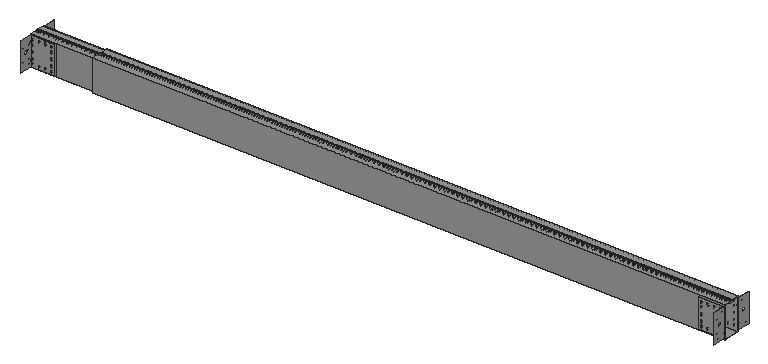
Revit family "RapidBeam_HeavyLap", category Generic Models, Revit 2020
Family settings
  Can host rebar = No
  Round Connector Dimension = Use Diameter
  Part Type = Normal
  Work Plane-Based = No
  Always vertical = Yes
  Cut with Voids When Loaded = No
  Shared = No
  Room Calculation Point = No
Parameters
  URL = "https://www.tris.co.nz/products/info/141/Rapid-Beam"
  Span Max Min = "2400mm max span, 2200mm min span."  # constant formula
  Span = 1200 mm
  Sound Transmission Class = "N/A"  # constant formula
  SingleSlot [instance] = yes
  Rapid Beam Material = Steel Galvanised
  MultipleSlots [instance] = no
  Model = "Rapid Beam Heavy lap."  # constant formula
  Material = "Hot dipped galvanised mild steel, Manufactured in New Zealand."  # constant formula
  Masterspec CBI code = "3421"  # constant formula
  Manufacturer = "Cold Rolled Systems"  # constant formula
  Length = if(Span < 2200 mm, 2200 mm, if(Span > 2400 mm, 2400 mm, Span))  # 2200 mm
  IFCName = "Rapid Beam Heavy lap"
  IFCExportType = "BEAM"
  IFCExportAs = "IfcBeam"
  Fire Protection = "N/A"  # constant formula
  End Bracket Material = Steel Galvanised
  Description = "Rapid Beam Bridging Beam for non-structural restraints."  # constant formula
  Default Elevation = 2000 mm
Reference planes
  plane 1 "Center (Front/Back)": y = 0
  plane 2: z = 0
  plane 3 "Center (Left/Right)": x = 0
  plane 4: x = 1100
  plane 5: x = 900
  plane 6: x = -900
  plane 7: x = -1100
Lines and regions (mm)
  symbolic lines, style "GenericModelHiddenLines"
    curve 1: line (900, 0, 0) -> (900, 0, 93.983)
    curve 2: line (900, 0, 93.983) -> (-900, 0, 93.983)
    curve 3: line (-900, 0, 93.983) -> (-900, 0, 0)
    curve 4: line (-900, 0, 0) -> (900, 0, 0)
Dimensions and locks
  locked: plane 5 to plane 4 at 200
  equal spacing: plane 7, plane 3 "Center (Left/Right)", plane 4
  "Length": plane 7 to plane 4
  locked: plane 7 to plane 6 at 200
  aligned and locked: level to plane 2
  aligned and locked: plane 3 "Center (Left/Right)" to nested 1
  aligned and locked: plane 2 to nested 1
  aligned and locked: plane 1 "Center (Front/Back)" to nested 1
  aligned and locked: plane 7 to nested 2
  aligned and locked: nested 3 to plane 7
  aligned and locked: plane 4 to nested 4
  aligned and locked: nested 5 to plane 4
Automatic sketch dimensions
  curve 4 to plane 6 = 0 mm
  curve 2 to plane 5 = 0 mm
  level to curve 1 = 0 mm
  level to curve 3 = 93.983 mm
Nested families
  nested 1: "RapidBeam_HeavyLap_Beam" at (0, 0, 0), Span <- "Span", Rapid Beam Material <- "Rapid Beam Material", type "RapidBeam_HeavyLap_Beam"
    with Span 1200 mm, Rapid Beam Material Steel Galvanised, Length 2200 mm
  nested 2: "EndBracket" at (-1100, -26.001, 2), End Bracket Material <- "End Bracket Material", type "EndBracket"
    with IFCExportType "", IFCExportAs "", End Bracket Material Steel Galvanised
  nested 3: "EndBracket" at (-1100, 26.001, 2), End Bracket Material <- "End Bracket Material", type "EndBracket"
    with IFCExportType "", IFCExportAs "", End Bracket Material Steel Galvanised
  nested 4: "EndBracket" at (1100, -27.517, 2.743) x (-1, 0, 0) z (0, 0, 1), End Bracket Material <- "End Bracket Material", type "EndBracket"
    with IFCExportType "", IFCExportAs "", End Bracket Material Steel Galvanised
  nested 5: "EndBracket" at (1100, 27.474, 2.743) x (-1, 0, 0) z (0, 0, 1), End Bracket Material <- "End Bracket Material", type "EndBracket"
    with IFCExportType "", IFCExportAs "", End Bracket Material Steel Galvanised
Definition of nested family "RapidBeam_HeavyLap_Beam"
  Parameters (values of type "RapidBeam_HeavyLap_Beam")
    URL = ""
    Span [instance] = 1200 mm
    Rapid Beam Material [instance] = none
    Model = ""
    Manufacturer = ""
    Length [instance] = if(Span < 2200 mm, 2200 mm, if(Span > 2400 mm, 2400 mm, Span))  # 2200 mm
    Description = ""
    Default Elevation = 2000 mm
  Reference planes
    plane 1 "Center (Front/Back)": y = 0
    plane 2 "Bottom": z = 0
    plane 3 "Center (Left/Right)": x = 0
    plane 4: x = 1100
    plane 5: x = 900
    plane 6: x = -900
    plane 7: x = -1100
  Forms (mm)
    Sweep 1, solid, material <- "Rapid Beam Material"
      path origin (0, 0, 0) x (1, 0, 0) y (0, 1, 0)
        loop
          line (-1100, 0) -> (900, 0)
      profile origin (-100, 0, 0) x (0, 1, 0) y (0, 0, 1)
        loop
          line (5.01, 93.983) -> (1.654, 90.673) -> (-3.74, 90.673)
          arc (-3.74, 90.673) -> (-4.395, 91.328) -> (-3.74, 91.983) r 0.655
          line (-3.74, 91.983) -> (1.031, 91.983) -> (1.031, 92.883) -> (-3.74, 92.883)
          arc (-3.74, 92.883) -> (-5.195, 91.428) -> (-3.74, 89.973) r 1.455
          line (-3.74, 89.973) -> (2.226, 89.973) -> (5.379, 93.083) -> (25.101, 93.083) -> (25.101, 0.9) -> (-25.101, 0.9) -> (-25.101, 93.083) -> (1.129, 93.083)
          arc (1.129, 93.083) -> (1.779, 92.433) -> (1.129, 91.783) r 0.65
          line (1.129, 91.783) -> (-3.74, 91.783)
          arc (-3.74, 91.783) -> (-4.19, 91.333) -> (-3.74, 90.883) r 0.45
          line (-3.74, 90.883) -> (1.129, 90.883)
          arc (1.129, 90.883) -> (2.679, 92.433) -> (1.129, 93.983) r 1.55
          line (1.129, 93.983) -> (-26.001, 93.983) -> (-26.001, 0) -> (26.001, 0) -> (26.001, 93.983) -> (5.01, 93.983)
    Sweep 2, solid, material <- "Rapid Beam Material"
      path origin (0, 0, 0) x (1, 0, 0) y (0, 1, 0)
        loop
          line (-900, 0) -> (1100, 0)
      profile origin (100, 0, 0) x (0, 1, 0) y (0, 0, 1)
        loop
          line (5.01, 97.743) -> (1.654, 94.432) -> (-3.74, 94.432)
          arc (-3.74, 94.432) -> (-4.395, 95.087) -> (-3.74, 95.743) r 0.655
          line (-3.74, 95.743) -> (1.031, 95.743) -> (1.031, 96.643) -> (-3.74, 96.643)
          arc (-3.74, 96.643) -> (-5.195, 95.187) -> (-3.74, 93.732) r 1.455
          line (-3.74, 93.732) -> (2.226, 93.732) -> (5.379, 96.843) -> (26.574, 96.843) -> (26.574, -1.322) -> (-26.617, -1.322) -> (-26.617, 96.843) -> (1.129, 96.843)
          arc (1.129, 96.843) -> (1.779, 96.193) -> (1.129, 95.543) r 0.65
          line (1.129, 95.543) -> (-3.74, 95.543)
          arc (-3.74, 95.543) -> (-4.19, 95.093) -> (-3.74, 94.643) r 0.45
          line (-3.74, 94.643) -> (1.129, 94.643)
          arc (1.129, 94.643) -> (2.679, 96.193) -> (1.129, 97.743) r 1.55
          line (1.129, 97.743) -> (-27.517, 97.743) -> (-27.517, -2.222) -> (27.474, -2.222) -> (27.474, 97.743) -> (5.01, 97.743)
  Lines and regions (mm)
    symbolic lines
      curve 1: line (-900, -26.001, 0) -> (900, -26.001, 0)
      curve 2: line (900, -26.001, 0) -> (900, 26.001, 0)
      curve 3: line (900, 26.001, 0) -> (-900, 26.001, 0)
      curve 4: line (900, 0, 0) -> (900, 0, 93.983)
      curve 5: line (900, 0, 93.983) -> (-900, 0, 93.983)
      curve 6: line (-900, 0, 93.983) -> (-900, 0, 0)
      curve 7: line (-900, 0, 0) -> (900, 0, 0)
  Dimensions and locks
    locked: plane 5 to plane 4 at 200
    equal spacing: plane 7, plane 3 "Center (Left/Right)", plane 4
    "Length": plane 7 to plane 4
    locked: plane 7 to plane 6 at 200
    aligned and locked: level to plane 2 "Bottom"
    aligned and locked: plane 1 "Center (Front/Back)" to Sweep 1 sketch curve
    aligned and locked: plane 6 to Sweep 2 sketch curve
    aligned and locked: plane 7 to Sweep 1 sketch curve
    aligned and locked: plane 5 to Sweep 1 sketch curve
    aligned and locked: plane 4 to Sweep 2 sketch curve
  Automatic sketch dimensions
    Sweep 1 sketch curve to Sweep 1 sketch curve = 0 mm  (x4)
    Sweep 1 sketch curve to level = 0 mm
    profile plane to Sweep 1 sketch curve = 26.001 mm
    Sweep 1 sketch curve to Sweep 1 sketch curve = 0.9 mm  (x3)
    profile plane to Sweep 1 sketch curve = 3.74 mm
    Sweep 1 sketch curve to profile plane = 1.031 mm
    Sweep 1 sketch curve to Sweep 1 sketch curve = 0.098 mm
    Sweep 1 sketch curve to Sweep 1 sketch curve = 0.525 mm
    Sweep 1 sketch curve to Sweep 1 sketch curve = 0.572 mm
    Sweep 1 sketch curve to Sweep 1 sketch curve = 3.881 mm
    Sweep 1 sketch curve to Sweep 1 sketch curve = 0.369 mm
    level to Sweep 1 sketch curve = 0.9 mm
    Sweep 1 sketch curve to profile plane = 25.101 mm
    level to Sweep 1 sketch curve = 89.973 mm
    Sweep 1 sketch curve to Sweep 1 sketch curve = 0.7 mm
    Sweep 1 sketch curve to Sweep 1 sketch curve = 0.211 mm
    Sweep 1 sketch curve to Sweep 1 sketch curve = 0.445 mm
    Sweep 1 sketch curve to Sweep 1 sketch curve = 0.005 mm
    Sweep 1 sketch curve to Sweep 1 sketch curve = 0.095 mm
    Sweep 1 sketch curve to Sweep 1 sketch curve = 0.45 mm
    Sweep 1 sketch curve to Sweep 1 sketch curve = 3.111 mm
    Sweep 2 sketch curve to plane 1 "Center (Front/Back)" = 0 mm
    Sweep 2 sketch curve to Sweep 2 sketch curve = 0 mm  (x4)
    Sweep 2 sketch curve to level = 2.222 mm
    profile plane to Sweep 2 sketch curve = 27.517 mm
    Sweep 2 sketch curve to Sweep 2 sketch curve = 0.9 mm  (x3)
    profile plane to Sweep 2 sketch curve = 3.74 mm
    Sweep 2 sketch curve to profile plane = 1.031 mm
    Sweep 2 sketch curve to Sweep 2 sketch curve = 0.098 mm
    Sweep 2 sketch curve to Sweep 2 sketch curve = 0.525 mm
    Sweep 2 sketch curve to Sweep 2 sketch curve = 0.572 mm
    Sweep 2 sketch curve to Sweep 2 sketch curve = 3.881 mm
    Sweep 2 sketch curve to Sweep 2 sketch curve = 0.369 mm
    Sweep 2 sketch curve to level = 1.322 mm
    Sweep 2 sketch curve to profile plane = 26.574 mm
    level to Sweep 2 sketch curve = 93.732 mm
    Sweep 2 sketch curve to Sweep 2 sketch curve = 0.7 mm
    Sweep 2 sketch curve to Sweep 2 sketch curve = 0.211 mm
    Sweep 2 sketch curve to Sweep 2 sketch curve = 0.445 mm
    Sweep 2 sketch curve to Sweep 2 sketch curve = 0.005 mm
    Sweep 2 sketch curve to Sweep 2 sketch curve = 0.095 mm
    Sweep 2 sketch curve to Sweep 2 sketch curve = 0.45 mm
    Sweep 2 sketch curve to Sweep 2 sketch curve = 3.111 mm
    curve 3 to plane 6 = 0 mm
    curve 1 to plane 6 = 0 mm
    curve 3 to plane 5 = 0 mm
    plane 1 "Center (Front/Back)" to curve 1 = 26.001 mm
    curve 3 to plane 1 "Center (Front/Back)" = 26.001 mm
    curve 7 to plane 6 = 0 mm
    curve 5 to plane 5 = 0 mm
    level to curve 4 = 0 mm
    level to curve 6 = 93.983 mm
Definition of nested family "EndBracket"
  Parameters (values of type "EndBracket")
    IFCExportType [instance] = ""
    IFCExportAs [instance] = ""
    End Bracket Material [instance] = none
    Default Elevation = 0 mm
  Reference planes
    plane 1 "Center (Front/Back)": y = 0
    plane 2: z = 0
    plane 3 "Center (Left/Right)": x = 0
  Forms (mm)
    Sweep 1, solid, material <- "End Bracket Material"
      path origin (62.293, -51.069, 0) x (1, 0, 0) y (0, 1, 0)
        loop
          line (17.707, 51.069) -> (-62.293, 51.069) -> (-62.293, 11.069)
      profile origin (0, -20, 0) x (1, 0, 0) y (0, 0, 1)
        loop
          line (0, 0) -> (1.5, 0) -> (1.5, 90) -> (0, 90) -> (0, 0)
    Extrusion 2, void
      sketch origin (11.31, 0, 1.617) x (1, 0, 0) y (0, 0, 1)
        loop
          circle (58.828, 78.35) r 3.5
      from -13.546 to 13.273
    Extrusion 3, void
      sketch origin (11.31, 0, -13.409) x (1, 0, 0) y (0, 0, 1)
        loop
          circle (58.828, 78.35) r 3.5
      from -13.546 to 13.273
    Extrusion 4, void
      sketch origin (11.31, 0, -33.515) x (1, 0, 0) y (0, 0, 1)
        loop
          circle (58.828, 78.35) r 3.5
      from -13.546 to 13.273
    Extrusion 5, void
      sketch origin (11.31, 0, -53.409) x (1, 0, 0) y (0, 0, 1)
        loop
          circle (58.828, 78.35) r 3.5
      from -13.546 to 13.273
    Extrusion 6, void
      sketch origin (11.31, 0, -68.435) x (1, 0, 0) y (0, 0, 1)
        loop
          circle (58.828, 78.35) r 3.5
      from -13.546 to 13.273
    Extrusion 7, void
      sketch origin (-9.209, 0, 1.617) x (1, 0, 0) y (0, 0, 1)
        loop
          circle (58.828, 78.35) r 3.5
      from -13.546 to 13.273
    Extrusion 8, void
      sketch origin (-9.209, 0, -68.435) x (1, 0, 0) y (0, 0, 1)
        loop
          circle (58.828, 78.35) r 3.5
      from -13.546 to 13.273
    Extrusion 9, void
      sketch origin (-28.887, 0, 1.617) x (1, 0, 0) y (0, 0, 1)
        loop
          circle (58.828, 78.35) r 3.5
      from -13.546 to 13.273
    Extrusion 10, void
      sketch origin (-28.887, 0, -68.435) x (1, 0, 0) y (0, 0, 1)
        loop
          circle (58.828, 78.35) r 3.5
      from -13.546 to 13.273
    Extrusion 11, void
      sketch origin (-49.002, 0, 1.617) x (1, 0, 0) y (0, 0, 1)
        loop
          circle (58.828, 78.35) r 3.5
      from -13.546 to 13.273
    Extrusion 12, void
      sketch origin (-49.002, 0, -13.409) x (1, 0, 0) y (0, 0, 1)
        loop
          circle (58.828, 78.35) r 3.5
      from -13.546 to 13.273
    Extrusion 13, void
      sketch origin (-49.002, 0, -33.515) x (1, 0, 0) y (0, 0, 1)
        loop
          circle (58.828, 78.35) r 3.5
      from -13.546 to 13.273
    Extrusion 14, void
      sketch origin (-49.002, 0, -53.409) x (1, 0, 0) y (0, 0, 1)
        loop
          circle (58.828, 78.35) r 3.5
      from -13.546 to 13.273
    Extrusion 15, void
      sketch origin (-49.002, 0, -68.435) x (1, 0, 0) y (0, 0, 1)
        loop
          circle (58.828, 78.35) r 3.5
      from -13.546 to 13.273
    Extrusion 16, void
      sketch origin (9.962, -67.727, 1.617) x (0, 1, 0) y (0, 0, 1)
        loop
          circle (58.828, 78.35) r 3.5
      from -13.546 to 13.273
    Extrusion 17, void
      sketch origin (9.962, -67.727, -13.409) x (0, 1, 0) y (0, 0, 1)
        loop
          circle (58.828, 78.35) r 3.5
      from -13.546 to 13.273
    Extrusion 18, void
      sketch origin (9.962, -67.727, -53.409) x (0, 1, 0) y (0, 0, 1)
        loop
          circle (58.828, 78.35) r 3.5
      from -13.546 to 13.273
    Extrusion 19, void
      sketch origin (9.962, -67.727, -68.435) x (0, 1, 0) y (0, 0, 1)
        loop
          circle (58.828, 78.35) r 3.5
      from -13.546 to 13.273
    Extrusion 20, void
      sketch origin (9.962, -89.689, 1.617) x (0, 1, 0) y (0, 0, 1)
        loop
          circle (58.828, 78.35) r 3.5
      from -13.546 to 13.273
    Extrusion 21, void
      sketch origin (9.962, -89.689, -13.409) x (0, 1, 0) y (0, 0, 1)
        loop
          circle (58.828, 78.35) r 3.5
      from -13.546 to 13.273
    Extrusion 22, void
      sketch origin (9.962, -89.689, -53.409) x (0, 1, 0) y (0, 0, 1)
        loop
          circle (58.828, 78.35) r 3.5
      from -13.546 to 13.273
    Extrusion 23, void
      sketch origin (9.962, -89.689, -68.435) x (0, 1, 0) y (0, 0, 1)
        loop
          circle (58.828, 78.35) r 3.5
      from -13.546 to 13.273
    Extrusion 24, void
      sketch origin (-39.837, -43.459, -5.909) x (0.707107, 0.707107, 0) y (0, 0, 1)
        loop
          circle (58.828, 78.35) r 3.5
      from -13.546 to 13.273
    Extrusion 25, void
      sketch origin (-39.837, -43.459, -60.909) x (0.707107, 0.707107, 0) y (0, 0, 1)
        loop
          circle (58.828, 78.35) r 3.5
      from -13.546 to 13.273
    Extrusion 26, void
      sketch origin (9.962, -78.689, -29.909) x (0, 1, 0) y (0, 0, 1)
        loop
          circle (58.828, 78.35) r 7
      from -13.546 to 13.273
  Cuts and joins
    Extrusion 2, Extrusion 3, Extrusion 4, Extrusion 5, Extrusion 6, Extrusion 7, Extrusion 8, Extrusion 9, Extrusion 10, Extrusion 11, Extrusion 12, Extrusion 13, Extrusion 14, Extrusion 15, Extrusion 16, Extrusion 17, Extrusion 18, Extrusion 19, Extrusion 20, Extrusion 21, Extrusion 22, Extrusion 23, Extrusion 24, Extrusion 25, Extrusion 26 cuts Sweep 1
  Dimensions and locks
    aligned and locked: level to plane 2
